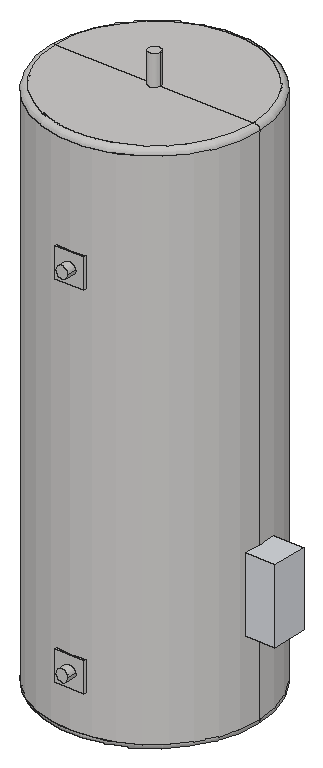
Revit family
Parameters (values of type "KS 100")
  URL = "http://www.autospec.co.za/browse.php?id=318767816"
  Radius = Diameter / 2  # 355 mm
  Product Code = "KS 100"
  Outlet Pipe Radius = Outlet Pipe Diameter / 2  # 20 mm
  Outlet Pipe Diameter = 40 mm
  Operating Pressure = 600.0 kPa
  OmniClass Title = ""
  OmniClass Number = ""
  Modspec Classification = ""
  Specification = ""
  Material = Galvanised Steel
  Mass (Kg) = "125"
  Location (revit room) = ""
  Model = "Bulk Hot Water Tanks Vertical KS-100"
  Manufacturer = "Kwikot"  # constant formula
  Inlet Pipe Radius = Inlet Pipe Diameter / 2  # 20 mm
  Inlet Pipe Diameter = 40 mm
  Height = 1820 mm
  Electrical Load = "6"
  Diameter = 710 mm
  Colour = none
  Capacity (liters) = 500.00 m³
  Body Finish = none
  Assembly Code = "D3040400"
Types (18, lengths in mm): name | Radius | Product Code | Outlet Pipe Radius | Outlet Pipe Diameter | Mass (Kg) | Model | Inlet Pipe Radius | Inlet Pipe Diameter | Height | Electrical Load | Diameter | Capacity (liters)
  (no name) | 355 | "KS 100" | 20 | 40 | "125" | "Bulk Hot Water Tanks Vertical KS-100" | 20 | 40 | 1820 | "6" | 710 | 500.00 m³
  KS 100 | 355 | "KS 100" | 20 | 40 | "125" | "Bulk Hot Water Tanks Vertical KS-100" | 20 | 40 | 1820 | "6" | 710 | 500.00 m³
  KS 125 | 430 | "KS 125" | 20 | 40 | "150" | "Bulk Hot Water Tanks Vertical KS-125" | 20 | 40 | 1540 | "6" | 860 | 600.00 m³
  KS 150 | 430 | "KS 150" | 20 | 40 | "170" | "Bulk Hot Water Tanks Vertical KS-150" | 20 | 40 | 1820 | "9" | 860 | 700.00 m³
  KS 200 | 507.5 | "KS 200" | 25 | 50 | "260" | "Bulk Hot Water Tanks Vertical KS-200" | 25 | 50 | 1626 | "12" | 1015 | 1000.00 m³
  KS 250 | 507.5 | "KS 250" | 25 | 50 | "280" | "Bulk Hot Water Tanks Vertical KS-250" | 25 | 50 | 1955 | "12" | 1015 | 1200.00 m³
  KS 300 | 507.5 | "KS 300" | 25 | 50 | "320" | "Bulk Hot Water Tanks Vertical KS-300" | 25 | 50 | 2235 | "18" | 1015 | 1400.00 m³
  KS 350 | 585 | "KS 350" | 25 | 50 | "360" | "Bulk Hot Water Tanks Vertical KS-350" | 25 | 50 | 2030 | "18" | 1170 | 1600.00 m³
  KS 400 | 585 | "KS 400" | 25 | 50 | "400" | "Bulk Hot Water Tanks Vertical KS-400" | 25 | 50 | 2221 | "24" | 1170 | 1800.00 m³
  KS 450 | 585 | "KS 450" | 25 | 50 | "450" | "Bulk Hot Water Tanks Vertical KS-450" | 25 | 50 | 2400 | "24" | 1170 | 2000.00 m³
  KS 500 | 660 | "KS 500" | 25 | 50 | "490" | "Bulk Hot Water Tanks Vertical KS-500" | 25 | 50 | 2310 | "24" | 1320 | 2300.00 m³
  KS 600 | 660 | "KS 600" | 25 | 50 | "650" | "Bulk Hot Water Tanks Vertical KS-600" | 25 | 50 | 2580 | "27" | 1320 | 2700.00 m³
  KS 700 | 735 | "KS 700" | 25 | 50 | "760" | "Bulk Hot Water Tanks Vertical KS-700" | 25 | 50 | 2535 | "36" | 1470 | 3200.00 m³
  KS 800 | 735 | "KS 800" | 25 | 50 | "820" | "Bulk Hot Water Tanks Vertical KS-800" | 25 | 50 | 2820 | "48" | 1470 | 3600.00 m³
  KS 900 | 775 | "KS 900" | 25 | 50 | "880" | "Bulk Hot Water Tanks Vertical KS-900" | 25 | 50 | 2797 | "48" | 1550 | 4000.00 m³
  KS 1000 | 775 | "KS 1000" | 25 | 50 | "950" | "Bulk Hot Water Tanks Vertical KS-1000" | 25 | 50 | 3090 | "60" | 1550 | 4600.00 m³
  KS 1500 | 888 | "KS 1500" | 25 | 50 | "1600" | "Bulk Hot Water Tanks Vertical KS-1500" | 25 | 50 | 3492 | "72" | 1776 | 6800.00 m³
  KS 2000 | 1040 | "KS 2000" | 25 | 50 | "1800" | "Bulk Hot Water Tanks Vertical KS-2000" | 25 | 50 | 3433 | "84" | 2080 | 10000.00 m³
Reference planes
  plane 1 "Center (Front/Back)": y = 0
  plane 2: z = 0
  plane 3 "Center (Left/Right)": x = 0
  plane 4 "Top": z = 1820
  plane 5: x = 355
  plane 6: x = -355
Forms (mm)
  Revolve 1, solid, material "Galvanised Steel" <- "Material"
    sketch origin (0, 0, 0) x (1, 0, 0) y (0, 0, 1)
      loop
        line (0, 0) -> (335, 0)
        arc (335, 0) -> (349.142, 5.858) -> (355, 20) r 20
        line (355, 20) -> (355, 1800)
        arc (355, 1800) -> (349.142, 1814.142) -> (335, 1820) r 20
        line (335, 1820) -> (0, 1820) -> (0, 0)
      axis (0, 0) -> (0, 1820)
    angle from 0 to 360
  Extrusion 2, solid
    sketch origin (355, -288.244, 1200) x (0, -1, 0) y (0, 0, 1)
      loop
        line (-228.244, -650) -> (-348.244, -650) -> (-348.244, -900) -> (-228.244, -900) -> (-228.244, -650)
    from 0 to -100
  Extrusion 3, solid, material "Galvanised Steel"
    sketch origin (-359.593, -1524, 1820) x (-1, 0, 0) y (0, -1, 0)
      loop
        circle (-359.593, -1524) r 20
    from 0 to 100
  Extrusion 4, solid, material "Galvanised Steel"
    sketch origin (0, 0, 0) x (1, 0, 0) y (0, 1, 0)
      loop
        line (-50, -351.461) -> (-50, -360) -> (50, -360) -> (50, -351.461)
        arc (50, -351.461) -> (0, -355) -> (-50, -351.461) r 355
    from 150 to 250
  Extrusion 5, solid, material "Galvanised Steel"
    sketch origin (-359.593, -1524, 1820) x (-1, 0, 0) y (0, -1, 0)
      loop
        line (-309.593, -1164) -> (-409.593, -1164) -> (-409.593, -1172.539)
        arc (-409.593, -1172.539) -> (-359.593, -1169) -> (-309.593, -1172.539) r 355
        line (-309.593, -1172.539) -> (-309.593, -1164)
    from -350 to -450
  Extrusion 6, solid, material "Galvanised Steel"
    sketch origin (0, 0, 0) x (1, 0, 0) y (0, 0, 1)
      loop
        circle (0, 1420.106) r 20
    from 355 to 390
  Extrusion 7, solid, material "Galvanised Steel"
    sketch origin (0, 0, 0) x (1, 0, 0) y (0, 0, 1)
      loop
        circle (0, 200) r 20
    from 355 to 390
Lines and regions (mm)
  symbolic lines
    curve 1: circle (0, 0, 1820) r 355 normal (0, 0, -1)
    curve 2: arc (-20, 0, 1820) -> (0, -20, 1820) -> (20, 0, 1820) r 20
    curve 3: arc (20, 0, 1820) -> (0, 20, 1820) -> (-20, 0, 1820) r 20
    curve 4: line (355, 60, 1820) -> (455, 60, 1820)
    curve 5: line (455, 60, 1820) -> (455, -60, 1820)
    curve 6: line (455, -60, 1820) -> (355, -60, 1820)
    curve 7: line (355, -60, 1820) -> (355, 60, 1820)
    curve 8: line (-50, -360, 1820) -> (50, -360, 1820)
    curve 9: line (50, -360, 1820) -> (50, -351.461, 1820)
    curve 10: line (-50, -360, 1820) -> (-50, -351.461, 1820)
    curve 11: line (-20, -390, 1820) -> (20, -390, 1820)
    curve 12: line (20, -390, 1820) -> (20, -360, 1820)
    curve 13: line (-20, -390, 1820) -> (-20, -360, 1820)
Dimensions and locks
  "Height": plane 4 "Top" to level
  "Diameter": plane 6 to plane 5
  equal spacing: plane 6, plane 3 "Center (Left/Right)", plane 5
  Extrusion 4 sketch curve to Extrusion 4 sketch curve = 5 mm
  plane 4 "Top" to Extrusion 6 sketch curve = 399.894 mm
  Extrusion 7 sketch curve to plane 2 = 200 mm
  "Radius": Extrusion 6 to plane 1 "Center (Front/Back)"
  locked: Extrusion 6 to Extrusion 5 at 30
  Extrusion 4 sketch curve to plane 3 "Center (Left/Right)" = 50 mm
  plane 3 "Center (Left/Right)" to Extrusion 4 sketch curve = 50 mm
  "Outlet Pipe Radius": radius of Extrusion 3 sketch curve
  "Radius": radius of Extrusion 4 sketch curve
  radius of Extrusion 6 sketch curve = 20 mm
  "Inlet Pipe Radius": radius of Extrusion 7 sketch curve
  aligned and locked: level to plane 2
  aligned and locked: Revolve 1 sketch curve to level
  aligned and locked: Revolve 1 sketch curve to plane 3 "Center (Left/Right)"
  aligned and locked: plane 4 "Top" to Revolve 1 sketch curve
  aligned and locked: Revolve 1 sketch curve to plane 5
  aligned and locked: plane 3 "Center (Left/Right)" to Revolve 1 sketch curve
  aligned and locked: plane 3 "Center (Left/Right)" to Extrusion 3 sketch curve
  aligned and locked: plane 1 "Center (Front/Back)" to Extrusion 3 sketch curve
  aligned and locked: plane 1 "Center (Front/Back)" to Extrusion 4 sketch curve
  aligned and locked: plane 3 "Center (Left/Right)" to Extrusion 4 sketch curve
  aligned and locked: Extrusion 5 sketch curve to Extrusion 4  (x4)
  aligned and locked: plane 3 "Center (Left/Right)" to Extrusion 6 sketch curve
  aligned and locked: plane 3 "Center (Left/Right)" to Extrusion 7 sketch curve
  aligned and locked: curve 1 to Extrusion 5
  aligned and locked: curve 2 to Extrusion 3
  aligned and locked: curve 3 to Extrusion 3
  aligned and locked: curve 4 to Extrusion 2
  aligned and locked: curve 5 to Extrusion 2
  aligned and locked: curve 6 to Extrusion 2
  aligned and locked: curve 7 to Extrusion 2
  aligned: Extrusion 6 to Extrusion 4
  aligned: Extrusion 7 to Extrusion 4
  aligned: Extrusion 6 to Extrusion 5  (x2)
  aligned: Extrusion 7 to Extrusion 5
  aligned and locked: Extrusion 7 to Extrusion 6  (x2)
  aligned and locked: Extrusion 5 to curve 8
Automatic sketch dimensions
  Revolve 1 sketch curve to Revolve 1 sketch curve = 20 mm
  plane 5 to Revolve 1 sketch curve = 20 mm
  Revolve 1 sketch curve to level = 300 mm
  plane 4 "Top" to Revolve 1 sketch curve = 380 mm
  Extrusion 2 sketch curve to plane 1 "Center (Front/Back)" = 60 mm
  level to Extrusion 2 sketch curve = 300 mm
  Extrusion 2 sketch curve to Extrusion 2 sketch curve = 250 mm
  plane 1 "Center (Front/Back)" to Extrusion 2 sketch curve = 60 mm
  curve 7 to plane 5 = 0 mm
  curve 5 to curve 4 = 100 mm
  plane 3 "Center (Left/Right)" to curve 8 = 50 mm
  plane 3 "Center (Left/Right)" to curve 12 = 20 mm
  curve 13 to plane 3 "Center (Left/Right)" = 20 mm
  curve 13 to curve 8 = 30 mm
  curve 7 to plane 1 "Center (Front/Back)" = 60 mm
  plane 1 "Center (Front/Back)" to curve 6 = 60 mm
  curve 12 to curve 11 = 30 mm
Connectors
  piping at (0, 0, 1920), driven by "Outlet Pipe Radius"
    settings: on Extrusion 3, index 1, connector radius 20 mm, flow factor 0, pipe flow 0.0 L/s, pressure drop 0.0 kPa, fitting loss kfactor 0, connector angle 0.00°, fixture units 0, flow configuration 2, flow direction 2, fitting loss method 4, system type 19, connector reference index -1, connector utility 0, adjustable connector no, is connector primary yes, fitting loss table "", connector description ""
  electrical at (455, 0, 425)
    settings: on Extrusion 2, index 2, voltage 0 V, apparent load 0 VA, apparent load phase1 0 VA, apparent load phase2 0 VA, apparent load phase3 0 VA, power factor 1, load classification "Other", number of poles 1, system type 14, power factor state 1, is connector primary yes, connector utility no, sub classification motor no, connector description ""
  piping at (0, -390, 200), driven by "Inlet Pipe Radius"
    settings: on Extrusion 7, index 3, connector radius 20 mm, flow factor 0, pipe flow 0.0 L/s, pressure drop 0.0 kPa, fitting loss kfactor 0, connector angle 0.00°, fixture units 0, flow configuration 2, flow direction 1, fitting loss method 4, system type 20, connector reference index -1, connector utility 0, adjustable connector no, is connector primary no, fitting loss table "", connector description ""
